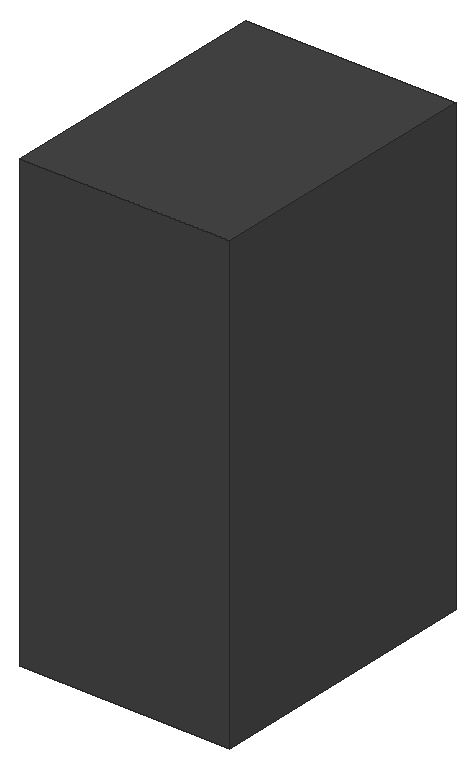
Revit family
Parameters (values of type "540 x 725 x 1170mm")
  깊이 = 725.00 mm
  난로 재료 = 직물
  높이 = 1170.00 mm
  폭 = 540.00 mm
  Assembly Code = ""
Reference planes
  plane 1 "중심(앞/뒤)": y = 0
  plane 2: z = 0
  plane 3 "중심(왼쪽/오른쪽)": x = 0
  plane 4: x = -270
  plane 5: y = 362.5
  plane 6: x = 270
  plane 7: y = -362.5
  plane 8: z = 1170
  plane 9: through (0.144, 0, 0) normal (1, 0, 0.0001)
  plane 10: z = 959.711
  plane 11: z = 694.353
  plane 12: z = 846.753
  plane 13: x = -215.942
  plane 14: x = 12.783
  plane 15: x = -12.617
  plane 16: z = 554.653
  plane 17: z = 681.653
  plane 18: z = 1099.411
  plane 19: x = -241.342
  plane 20: x = 241.508
  plane 21: x = 216.108
  plane 22: z = 972.411
  plane 23: z = 834.053
  plane 24: z = 707.053
  plane 25: z = 541.953
  plane 26: z = 1112.111
  plane 27: z = 516.298
Forms (mm)
  Extrusion 1, solid, material "직물" <- "난로 재료"
    sketch origin (0, 0, 0) x (1, 0, 0) y (0, 1, 0)
      loop
        line (-270, -362.5) -> (270, -362.5) -> (270, 362.5) -> (-270, 362.5) -> (-270, -362.5)
    from 0 to 1170
Lines and regions (mm)
  symbolic lines
    curve 1: line (-270, -362.5, 0) -> (270, -362.5, 0)
    curve 2: line (-270, 362.5, 0) -> (-270, -362.5, 0)
    curve 3: line (270, 362.5, 0) -> (-270, 362.5, 0)
    curve 4: line (270, -362.5, 0) -> (270, 362.5, 0)
  model lines
    curve 5: line (-241.342, -362.5, 32.098) -> (241.508, -362.5, 32.098)
    curve 6: line (-241.342, -362.5, 516.298) -> (-241.342, -362.5, 32.098)
    curve 7: line (241.508, -362.5, 516.298) -> (-241.342, -362.5, 516.298)
    curve 8: line (241.508, -362.5, 32.098) -> (241.508, -362.5, 516.298)
    curve 9: line (-241.342, -362.5, 541.953) -> (241.508, -362.5, 541.953)
    curve 10: line (-241.342, -362.5, 1112.111) -> (-241.342, -362.5, 541.953)
    curve 11: line (241.508, -362.5, 1112.111) -> (-241.342, -362.5, 1112.111)
    curve 12: line (241.508, -362.5, 541.953) -> (241.508, -362.5, 1112.111)
    curve 13: line (-215.942, -362.5, 554.653) -> (-12.617, -362.5, 554.653)
    curve 14: line (-215.942, -362.5, 681.653) -> (-215.942, -362.5, 554.653)
    curve 15: line (-12.617, -362.5, 681.653) -> (-215.942, -362.5, 681.653)
    curve 16: line (-12.617, -362.5, 554.653) -> (-12.617, -362.5, 681.653)
    curve 17: line (12.783, -362.5, 554.653) -> (216.108, -362.5, 554.653)
    curve 18: line (12.783, -362.5, 681.653) -> (12.783, -362.5, 554.653)
    curve 19: line (216.108, -362.5, 681.653) -> (12.783, -362.5, 681.653)
    curve 20: line (216.108, -362.5, 554.653) -> (216.108, -362.5, 681.653)
    curve 21: line (-215.942, -362.5, 707.053) -> (-12.617, -362.5, 707.053)
    curve 22: line (-215.942, -362.5, 834.053) -> (-215.942, -362.5, 707.053)
    curve 23: line (-12.617, -362.5, 834.053) -> (-215.942, -362.5, 834.053)
    curve 24: line (-12.617, -362.5, 707.053) -> (-12.617, -362.5, 834.053)
    curve 25: line (12.783, -362.5, 707.053) -> (216.108, -362.5, 707.053)
    curve 26: line (12.783, -362.5, 834.053) -> (12.783, -362.5, 707.053)
    curve 27: line (216.108, -362.5, 834.053) -> (12.783, -362.5, 834.053)
    curve 28: line (216.108, -362.5, 707.053) -> (216.108, -362.5, 834.053)
    curve 29: line (-215.942, -362.5, 1099.411) -> (-215.942, -362.5, 616.811)
    curve 30: line (-12.617, -362.5, 1099.411) -> (-215.942, -362.5, 1099.411)
    curve 31: line (-12.617, -362.5, 972.411) -> (-12.617, -362.5, 1099.411)
    curve 32: line (12.783, -362.5, 1099.411) -> (12.783, -362.5, 972.411)
    curve 33: line (216.108, -362.5, 1099.411) -> (12.783, -362.5, 1099.411)
    curve 34: line (216.108, -362.5, 627.224) -> (216.108, -362.5, 1099.411)
    curve 35: line (-215.942, -362.5, 1081.268) -> (-12.617, -362.5, 1081.268)
    curve 36: line (-215.942, -362.5, 1063.125) -> (-12.617, -362.5, 1063.125)
    curve 37: line (-215.942, -362.5, 1044.982) -> (-12.617, -362.5, 1044.982)
    curve 38: line (-215.942, -362.5, 1026.839) -> (-12.617, -362.5, 1026.839)
    curve 39: line (-215.942, -362.5, 1008.696) -> (-12.617, -362.5, 1008.696)
    curve 40: line (-215.942, -362.5, 990.553) -> (-12.617, -362.5, 990.553)
    curve 41: line (-215.942, -362.5, 815.91) -> (-12.617, -362.5, 815.91)
    curve 42: line (-215.942, -362.5, 797.767) -> (-12.617, -362.5, 797.767)
    curve 43: line (-215.942, -362.5, 779.624) -> (-12.617, -362.5, 779.624)
    curve 44: line (-215.942, -362.5, 761.481) -> (-12.617, -362.5, 761.481)
    curve 45: line (-215.942, -362.5, 743.338) -> (-12.617, -362.5, 743.338)
    curve 46: line (-215.942, -362.5, 725.196) -> (-12.617, -362.5, 725.196)
    curve 47: line (-215.942, -362.5, 663.51) -> (-12.617, -362.5, 663.51)
    curve 48: line (-215.942, -362.5, 645.367) -> (-12.617, -362.5, 645.367)
    curve 49: line (-215.942, -362.5, 627.224) -> (-12.617, -362.5, 627.224)
    curve 50: line (-215.942, -362.5, 609.081) -> (-12.617, -362.5, 609.081)
    curve 51: line (-215.942, -362.5, 590.938) -> (-12.617, -362.5, 590.938)
    curve 52: line (-215.942, -362.5, 572.796) -> (-12.617, -362.5, 572.796)
    curve 53: line (-215.942, -362.5, 846.753) -> (216.108, -362.5, 846.753)
    curve 54: line (-215.942, -362.5, 959.711) -> (-215.942, -362.5, 846.753)
    curve 55: line (216.108, -362.5, 959.711) -> (-215.942, -362.5, 959.711)
    curve 56: line (216.108, -362.5, 846.753) -> (216.108, -362.5, 959.711)
    curve 57: line (-215.942, -362.5, 972.411) -> (-12.617, -362.5, 972.411)
    curve 58: line (12.783, -362.5, 972.411) -> (216.108, -362.5, 972.411)
    curve 59: line (216.108, -362.5, 1081.268) -> (12.783, -362.5, 1081.268)
    curve 60: line (12.783, -362.5, 1063.125) -> (216.108, -362.5, 1063.125)
    curve 61: line (12.783, -362.5, 1044.982) -> (216.108, -362.5, 1044.982)
    curve 62: line (12.783, -362.5, 1026.839) -> (216.108, -362.5, 1026.839)
    curve 63: line (12.783, -362.5, 990.553) -> (216.108, -362.5, 990.553)
    curve 64: line (12.783, -362.5, 1008.696) -> (216.108, -362.5, 1008.696)
    curve 65: line (12.783, -362.5, 815.91) -> (216.108, -362.5, 815.91)
    curve 66: line (12.783, -362.5, 797.767) -> (216.108, -362.5, 797.767)
    curve 67: line (12.783, -362.5, 779.624) -> (216.108, -362.5, 779.624)
    curve 68: line (12.783, -362.5, 761.481) -> (216.108, -362.5, 761.481)
    curve 69: line (12.783, -362.5, 743.338) -> (216.108, -362.5, 743.338)
    curve 70: line (12.783, -362.5, 725.196) -> (216.108, -362.5, 725.196)
    curve 71: line (12.783, -362.5, 663.51) -> (216.108, -362.5, 663.51)
    curve 72: line (12.783, -362.5, 645.367) -> (216.108, -362.5, 645.367)
    curve 73: line (12.783, -362.5, 627.224) -> (216.108, -362.5, 627.224)
    curve 74: line (12.783, -362.5, 590.938) -> (216.108, -362.5, 590.938)
    curve 75: line (12.783, -362.5, 572.796) -> (216.108, -362.5, 572.796)
    curve 76: line (12.783, -362.5, 609.081) -> (216.108, -362.5, 609.081)
Dimensions and locks
  equal spacing: plane 4, plane 3 "중심(왼쪽/오른쪽)", plane 6
  equal spacing: plane 7, plane 1 "중심(앞/뒤)", plane 5
  "깊이": plane 7 to plane 5
  "높이": plane 8 to plane 2
  curve 5 to plane 2 = 32.098 mm
  "폭": plane 4 to plane 6
  plane 14 to plane 15 = 25.40 mm
  locked: plane 19 to plane 4 at 28.658
  locked: plane 13 to plane 19 at 25.4
  locked: plane 20 to plane 21 at 25.4
  locked: plane 6 to plane 20 at 28.492
  plane 18 to plane 22 = 127.00 mm
  plane 10 to plane 12 = 112.958 mm
  plane 23 to plane 24 = 127.00 mm
  plane 17 to plane 16 = 127.00 mm
  plane 22 to plane 10 = 12.70 mm
  plane 26 to plane 18 = 12.70 mm
  plane 12 to plane 23 = 12.70 mm
  plane 16 to plane 25 = 12.70 mm
  plane 24 to plane 11 to plane 17 = 12.70 mm, 12.70 mm
  plane 8 to plane 26 = 57.889 mm
  plane 25 to plane 27 = 25.655 mm
  equal spacing: plane 18, curve 35, curve 36, curve 37, curve 38, curve 39, curve 40, plane 22
  equal spacing: plane 23, curve 41, curve 42, curve 43, curve 44, curve 45, curve 46, plane 24
  equal spacing: plane 17, curve 47, curve 48, curve 49, curve 50, curve 51, curve 52, plane 16
  aligned and locked: plane 7 to curve 1
  aligned and locked: plane 5 to curve 4
  aligned and locked: Extrusion 1 sketch curve to curve 1
  aligned and locked: Extrusion 1 sketch curve to curve 3
  aligned and locked: Extrusion 1 sketch curve to plane 4
  aligned and locked: plane 6 to Extrusion 1 sketch curve
  aligned and locked: plane 21 to curve 56
  aligned and locked: curve 34 to curve 53
  aligned and locked: curve 20 to curve 25
  aligned and locked: Extrusion 1 to plane 8
  aligned and locked: curve 27 to plane 23
  aligned and locked: curve 26 to curve 23
  aligned and locked: plane 22 to curve 57
  aligned and locked: plane 22 to curve 58
  aligned and locked: curve 59 to curve 35
  aligned and locked: curve 36 to curve 60
  aligned and locked: curve 37 to curve 61
  aligned and locked: curve 38 to curve 62
  aligned and locked: curve 40 to curve 63
  aligned and locked: curve 39 to curve 64
  aligned and locked: curve 41 to curve 65
  aligned and locked: curve 42 to curve 66
  aligned and locked: curve 43 to curve 67
  aligned and locked: curve 44 to curve 68
  aligned and locked: curve 45 to curve 69
  aligned and locked: curve 46 to curve 70
  aligned and locked: curve 47 to curve 71
  aligned and locked: curve 48 to curve 72
  aligned and locked: curve 49 to curve 73
  aligned and locked: curve 51 to curve 74
  aligned and locked: curve 52 to curve 75
  aligned and locked: curve 50 to curve 76
Automatic sketch dimensions
  curve 3 to plane 4 = 0.00 mm
  curve 3 to plane 6 = 0.00 mm
  curve 12 to plane 20 = 0.00 mm
  curve 12 to plane 26 = 0.00 mm
  curve 33 to plane 14 = 0.00 mm
  curve 33 to plane 18 = 0.00 mm
  curve 31 to plane 15 = 0.00 mm
  curve 31 to plane 18 = 0.00 mm
  curve 54 to plane 10 = 0.00 mm
  curve 53 to plane 12 = 0.00 mm
  curve 21 to plane 13 = 0.00 mm
  curve 21 to plane 24 = 0.00 mm
  curve 26 to plane 14 = 0.00 mm
  curve 26 to plane 24 = 0.00 mm
  curve 19 to plane 14 = 0.00 mm
  curve 19 to plane 17 = 0.00 mm
  curve 15 to plane 13 = 0.00 mm
  curve 15 to plane 17 = 0.00 mm
  curve 29 to plane 13 = 0.00 mm
  curve 76 to plane 21 = 0.00 mm
  curve 13 to plane 15 = 0.00 mm
  curve 13 to plane 16 = 0.00 mm
  curve 17 to plane 16 = 0.00 mm
  curve 10 to plane 19 = 0.00 mm
  curve 10 to plane 25 = 0.00 mm
  curve 7 to plane 20 = 0.00 mm
  curve 7 to plane 27 = 0.00 mm
  curve 7 to plane 19 = 0.00 mm
  curve 55 to plane 13 = 0.00 mm
  curve 24 to plane 15 = 0.00 mm
  curve 29 to curve 50 = 7.729 mm
